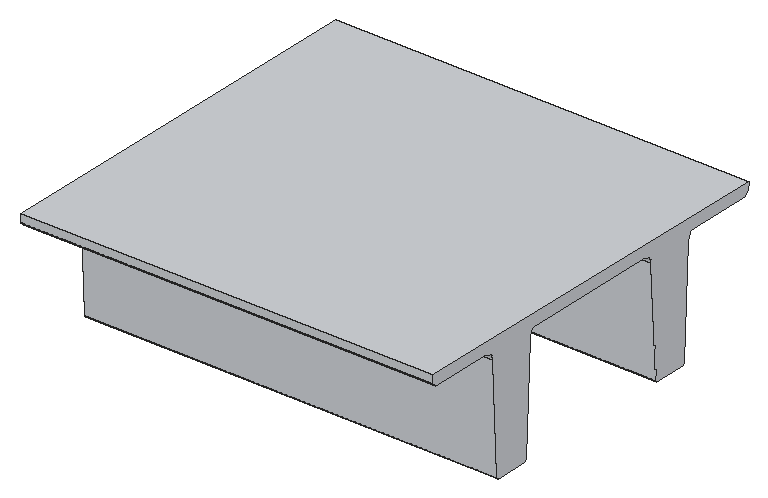
Revit family "TTD 78_Precast-Rib deck_Spæncom", category Structural Framing, Revit 2014
Parameters
  Width TTD plate [instance] = 2392 mm
  TTD plate left (596mm) [instance] = 596 mm
  TTD plate right (596mm) [instance] = 596 mm
  TTD rib distance = 1200 mm  # constant formula
  Structural Material [instance] = none
  Plate thickness = 70 mm  # constant formula
  Model = "TTD 78"
  Manufacturer = "Spæncom"
  Length [instance] = 3000 mm
  Height TTD = 780 mm  # constant formula
Reference planes
  plane 1 "Center (Front/Back)": y = 0
  plane 2 "Center Elevation": z = 0
  plane 3 "Center (Left/Right)": x = 0
  plane 4 "Left": x = -1500
  plane 5 "Member Left": x = -1250
  plane 6 "Stick Symbol Left": x = -1000
  plane 7 "Right": x = 1500
  plane 8 "Member Right": x = 1250
  plane 9 "Stick Symbol Right": x = 1000
  plane 10: y = 600
  plane 11: y = -600
  plane 12: through (0, 740.125, 662.497) normal (0, -0.9988, 0.0499)
  plane 13: through (0, 492.501, 9.988) normal (0, 0.9988, 0.0499)
  plane 14: through (0, -459.875, 662.497) normal (0, -0.9988, 0.0499)
  plane 15: through (0, -707.499, 9.988) normal (0, 0.9988, 0.0499)
Forms (mm)
  Extrusion 1, solid, material <- "Structural Material"
    sketch origin (-250, 0, 0) x (0, 1, 0) y (0, 0, 1)
      loop
        line (1196, 780) -> (-1196, 780) -> (-1193, 730) -> (-1173, 710) -> (-790.062, 710)
        arc (-790.062, 710) -> (-755.601, 696.227) -> (-740.125, 662.497) r 50
        line (-740.125, 662.497) -> (-707.499, 9.988) -> (-697, 0) -> (-503, 0) -> (-492.501, 9.988) -> (-459.875, 662.497)
        arc (-459.875, 662.497) -> (-444.399, 696.227) -> (-409.938, 710) r 50
        line (-409.938, 710) -> (409.938, 710)
        arc (409.938, 710) -> (444.399, 696.227) -> (459.875, 662.497) r 50
        line (459.875, 662.497) -> (492.501, 9.988) -> (503, 0) -> (697, 0) -> (707.499, 9.988) -> (740.125, 662.497)
        arc (740.125, 662.497) -> (755.601, 696.227) -> (790.062, 710) r 50
        line (790.062, 710) -> (1173, 710) -> (1193, 730) -> (1196, 780)
    from -1000 to 1500
Dimensions and locks
  equal spacing: plane 4 "Left", plane 3 "Center (Left/Right)", plane 7 "Right"
  "Length": plane 4 "Left" to plane 7 "Right"
  "Plate thickness": Extrusion 1 to Extrusion 1
  "Height TTD": Extrusion 1 to Extrusion 1
  "TTD rib distance": plane 10 to plane 11
  Extrusion 1 to plane 10 = 596 mm
  plane 11 to Extrusion 1 = 596 mm
  "Width TTD plate": Extrusion 1 to Extrusion 1
  plane 12 to plane 13 = 214 mm
  plane 14 to plane 15 = 214 mm
  "TTD plate left (596mm)": Extrusion 1 sketch curve to plane 10
  "TTD plate right (596mm)": plane 11 to Extrusion 1 sketch curve
  radius of Extrusion 1 = 50 mm  (x4)
  aligned and locked: level to plane 2 "Center Elevation"
  aligned and locked: Extrusion 1 to plane 5 "Member Left"
  aligned and locked: Extrusion 1 to plane 8 "Member Right"
  aligned and locked: level to Extrusion 1 sketch curve  (x2)
Automatic sketch dimensions
  Extrusion 1 sketch curve to plane 15 = 0 mm  (x2)
  Extrusion 1 sketch curve to plane 14 = 0 mm  (x2)
  Extrusion 1 sketch curve to plane 13 = 0 mm  (x2)
  Extrusion 1 sketch curve to plane 12 = 0 mm  (x2)
  Extrusion 1 sketch curve to Extrusion 1 sketch curve = 3 mm
  Extrusion 1 sketch curve to Extrusion 1 sketch curve = 20 mm  (x4)
  Extrusion 1 sketch curve to plane 11 = 190.062 mm
  Extrusion 1 sketch curve to Extrusion 1 sketch curve = 49.938 mm  (x4)
  level to Extrusion 1 sketch curve = 9.988 mm  (x4)
  Extrusion 1 sketch curve to Extrusion 1 sketch curve = 10.499 mm  (x2)
  plane 11 to Extrusion 1 sketch curve = 97 mm
  plane 11 to Extrusion 1 sketch curve = 140.125 mm
  Extrusion 1 sketch curve to plane 10 = 190.062 mm
  plane 10 to Extrusion 1 sketch curve = 97 mm
  plane 10 to Extrusion 1 sketch curve = 140.125 mm
  Extrusion 1 sketch curve to Extrusion 1 sketch curve = 23 mm
  Extrusion 1 sketch curve to Extrusion 1 sketch curve = 2.497 mm  (x3)
  Extrusion 1 sketch curve to Extrusion 1 sketch curve = 50 mm
